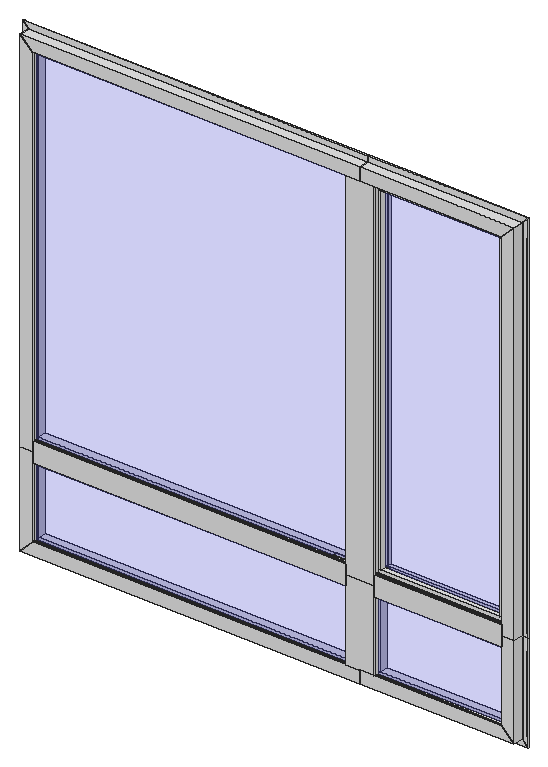
Revit family "511_CP-AT_nailfin", category Windows, host Wall, Revit 2016
Family settings
  Host = Wall
  OmniClass Number = 23.30.20.00
  OmniClass Title = Windows
  Always vertical = Yes
  Cut with Voids When Loaded = No
  Shared = No
  Room Calculation Point = No
Parameters (values of type "96x90")
  MLW4 = 1 / 8 * (Height - HBS)  # 2 1/4"
  MLW3 = 2.811"
  MLW2 = 3.62422"
  MLW1 = 3.2495"
  MLW5 = 1 / 8 * (Width - VBS)  # 8 1/4"
  MLH = 1 / 2 * HBS  # 36"
  VBS = 30"
  Interior Color [instance] = White
  Height = 90"
  Exterior Color [instance] = White
  Default Sill Height = 31.49606"
  Wall Closure = By host
  Width = 96"
  HBS = 72"
Reference planes (in)
  plane 1 "Center (Front/Back)": y = 0
  plane 2 "Center (Left/Right)": x = 0
  plane 3 "Left": x = -48
  plane 4 "Right": x = 48
  plane 5 "Sill": z = 31.49606
  plane 6 "Head": z = 121.49606
  plane 7 "Exterior": y = 3.93701
  plane 8 "Interior": y = -3.93701
  plane 9 "Front of wall": y = 3.93701
  plane 10 "Bar Set": z = 49.49606
  plane 11 "MD": x = 18
  plane 12: z = 33.55806
  plane 13: z = 51.12006
  plane 14: z = 47.87306
  plane 15: z = 119.43645
  plane 16: z = 51.80656
  plane 17: z = 118.74656
  plane 18: x = -45.938
  plane 19: x = 15.56372
  plane 20: x = 45.2505
  plane 21: x = 45.938
  plane 22: x = 21.11316
  plane 23: x = 20.437
  plane 24 "MLW1": x = 21.62422
  plane 25 "MLW2": x = 44.7505
  plane 26 "Front of glass": y = 4.21901
Forms (in)
  Extrusion 1, solid, material "White" <- "Interior Color"
    sketch origin (18, 0, 0) x (0, 0, 1) y (0, 1, 0)
      loop
        line (33.87106, 1.88701) -> (33.87106, 2.26201) -> (34.05906, 2.26201) -> (34.05806, 2.51251) -> (33.55806, 2.51251) -> (33.55806, 3.25701) -> (34.06142, 3.25701) -> (34.06142, 4.78995) -> (32.14816, 4.78995) -> (32.06425, 5.38701) -> (31.47606, 5.38701) -> (31.47606, 5.26201) -> (31.51606, 5.26201) -> (31.51606, 5.10865) -> (31.49606, 5.07401) -> (31.49606, 4.01201) -> (30.37106, 4.01201) -> (30.37106, 3.93701) -> (31.49606, 3.93701) -> (31.49606, 1.88701) -> (33.87106, 1.88701)
    from 0 to 67.125
  Extrusion 2, solid, material "White" <- "Interior Color"
    sketch origin (18, 0, 0) x (0, 0, 1) y (0, 1, 0)
      loop
        line (47.55906, 1.88701) -> (51.43306, 1.88701) -> (51.43306, 2.26201) -> (51.62106, 2.26201) -> (51.62006, 2.51251) -> (51.12006, 2.51251) -> (51.12006, 3.25701) -> (51.62285, 3.25701) -> (51.62285, 4.78999) -> (49.71017, 4.78999) -> (49.6375, 5.30701) -> (49.35463, 5.30701) -> (49.28195, 4.78988) -> (47.36885, 4.78988) -> (47.36885, 3.25701) -> (47.87306, 3.25701) -> (47.87306, 2.51251) -> (47.37206, 2.51251) -> (47.37206, 2.26201) -> (47.55906, 2.26201) -> (47.55906, 1.88701)
    from 0 to 67.125
  Extrusion 3, solid, material "White" <- "Interior Color"
    sketch origin (18, 0, 0) x (0, 0, 1) y (0, 1, 0)
      loop
        line (119.12345, 1.88701) -> (121.49606, 1.88701) -> (121.49606, 3.93701) -> (122.62106, 3.93701) -> (122.62106, 4.01201) -> (121.49606, 4.01201) -> (121.49606, 5.07815) -> (121.47845, 5.10865) -> (121.47845, 5.26201) -> (121.51845, 5.26201) -> (121.51845, 5.38701) -> (120.93026, 5.38701) -> (120.84635, 4.78995) -> (118.9331, 4.78995) -> (118.9331, 3.25701) -> (119.43645, 3.25701) -> (119.43645, 2.51251) -> (118.93645, 2.51251) -> (118.93545, 2.26201) -> (119.12345, 2.26201) -> (119.12345, 1.88701)
    from 0 to 67.125
  Extrusion 4, solid, material "White" <- "Interior Color"
    sketch origin (48, 0, 0) x (0, -1, 0) y (0, 0, 1)
      loop
        line (-4.78995, 34.06142) -> (-4.78995, 32.14816) -> (-5.38701, 32.06425) -> (-5.38701, 31.47606) -> (-5.26201, 31.47606) -> (-5.26201, 31.51606) -> (-5.10865, 31.51606) -> (-5.07401, 31.49606) -> (-4.01201, 31.49606) -> (-4.01201, 30.37106) -> (-3.93701, 30.37106) -> (-3.93701, 31.49606) -> (-1.88701, 31.49606) -> (-1.88701, 33.87106) -> (-2.26201, 33.87106) -> (-2.26201, 34.05906) -> (-2.51251, 34.05806) -> (-2.51251, 33.55806) -> (-3.25701, 33.55806) -> (-3.25701, 34.06142) -> (-4.78995, 34.06142)
    from -1.125 to 30
  Extrusion 5, solid, material "White" <- "Interior Color"
    sketch origin (48, 0, 0) x (0, -1, 0) y (0, 0, 1)
      loop
        line (-1.88701, 51.43306) -> (-2.26201, 51.43306) -> (-2.26201, 51.62106) -> (-2.58701, 51.62106) -> (-2.58701, 52.30756) -> (-3.47451, 52.30756) -> (-3.47451, 51.80656) -> (-4.21901, 51.80656) -> (-4.21901, 52.26986) -> (-4.25701, 52.24556) -> (-4.99701, 52.24556) -> (-4.99701, 51.68307) -> (-5.03701, 51.68307) -> (-5.03701, 49.67544) -> (-5.30701, 49.6375) -> (-5.30701, 49.35463) -> (-4.78999, 49.28197) -> (-4.78999, 47.36876) -> (-3.25701, 47.36876) -> (-3.25701, 47.87306) -> (-2.51251, 47.87306) -> (-2.51251, 47.37206) -> (-2.26201, 47.37206) -> (-2.26201, 47.55906) -> (-1.88701, 47.55906) -> (-1.88701, 51.43306)
    from -1.125 to 30
  Extrusion 6, solid, material "White" <- "Interior Color"
    sketch origin (48, 0, 0) x (0, -1, 0) y (0, 0, 1)
      loop
        line (-2.58701, 118.93306) -> (-2.26201, 118.93306) -> (-2.26201, 119.12106) -> (-1.88701, 119.12106) -> (-1.88701, 121.49606) -> (-3.93701, 121.49606) -> (-3.93701, 122.62106) -> (-4.01201, 122.62106) -> (-4.01201, 121.49606) -> (-5.07401, 121.49606) -> (-5.09784, 121.47606) -> (-5.26201, 121.47606) -> (-5.26201, 121.51606) -> (-5.38701, 121.51606) -> (-5.38701, 120.92787) -> (-5.03701, 120.87868) -> (-5.03701, 118.87156) -> (-4.99701, 118.87156) -> (-4.99701, 118.30847) -> (-4.25691, 118.30847) -> (-4.21901, 118.28424) -> (-4.21901, 118.74656) -> (-3.47451, 118.74656) -> (-3.47451, 118.24656) -> (-2.58701, 118.24656) -> (-2.58701, 118.93306)
    from -1.125 to 30
  Extrusion 7, solid, material "White" <- "Interior Color"
    sketch origin (0, 0, 49.49606) x (1, 0, 0) y (0, 1, 0)
      loop
        line (-47.3479, 4.78995) -> (-47.43181, 5.38701) -> (-48.02, 5.38701) -> (-48.02, 5.26201) -> (-47.98, 5.26201) -> (-47.98, 5.10865) -> (-48, 5.07401) -> (-48, 4.01201) -> (-49.125, 4.01201) -> (-49.125, 3.93701) -> (-48, 3.93701) -> (-48, 1.88701) -> (-45.625, 1.88701) -> (-45.625, 2.26201) -> (-45.43691, 2.26201) -> (-45.438, 2.51251) -> (-45.938, 2.51251) -> (-45.938, 3.25701) -> (-45.43465, 3.25701) -> (-45.43465, 4.78995) -> (-47.3479, 4.78995)
    from 0 to 73.125
  Extrusion 8, solid, material "White" <- "Interior Color"
    sketch origin (0, 0, 49.49606) x (1, 0, 0) y (0, 1, 0)
      loop
        line (47.38262, 5.03701) -> (45.3755, 5.03701) -> (45.3755, 4.99701) -> (44.8125, 4.99701) -> (44.8125, 4.25701) -> (44.7882, 4.21901) -> (45.2505, 4.21901) -> (45.2505, 3.47451) -> (44.7505, 3.47451) -> (44.7505, 2.58701) -> (45.437, 2.58701) -> (45.437, 2.26201) -> (45.625, 2.26201) -> (45.625, 1.88766) -> (48, 1.88766) -> (48, 3.93701) -> (49.125, 3.93701) -> (49.125, 4.01201) -> (48, 4.01201) -> (48, 5.07401) -> (47.98, 5.10257) -> (47.98, 5.26201) -> (48.02, 5.26201) -> (48.02, 5.38701) -> (47.43181, 5.38701) -> (47.38262, 5.03701)
    from 0 to 73.125
  Extrusion 9, solid, material "White" <- "Interior Color"
    sketch origin (0, 0, 31.49606) x (0, -1, 0) y (1, 0, 0)
      loop
        line (-4.01201, -48) -> (-4.01201, -49.125) -> (-3.93701, -49.125) -> (-3.93701, -48) -> (-1.88701, -48) -> (-1.88701, -45.625) -> (-2.26201, -45.625) -> (-2.26201, -45.437) -> (-2.51251, -45.437) -> (-2.51251, -45.938) -> (-3.25701, -45.938) -> (-3.25701, -45.43465) -> (-4.78995, -45.43465) -> (-4.78995, -47.3479) -> (-5.38701, -47.43181) -> (-5.38701, -48.02) -> (-5.26201, -48.02) -> (-5.26201, -47.98) -> (-5.10257, -47.98) -> (-5.07401, -48) -> (-4.01201, -48)
    from -1.125 to 18
  Extrusion 10, solid, material "White" <- "Interior Color"
    sketch origin (0, 0, 31.49606) x (0, -1, 0) y (1, 0, 0)
      loop
        line (-5.38701, 17.05681) -> (-4.78995, 16.9729) -> (-4.78995, 15.05965) -> (-3.25701, 15.05965) -> (-3.25701, 15.56372) -> (-2.51251, 15.56372) -> (-2.51251, 15.063) -> (-2.26201, 15.062) -> (-2.26201, 15.25) -> (-1.88701, 15.25) -> (-1.88701, 20.75) -> (-2.26201, 20.75) -> (-2.26201, 20.937) -> (-2.51251, 20.937) -> (-2.51251, 20.437) -> (-3.25701, 20.437) -> (-3.25701, 20.94035) -> (-4.78995, 20.94035) -> (-4.78995, 19.0271) -> (-5.38701, 18.94319) -> (-5.38701, 17.05681)
    from -1.125 to 18
  Extrusion 11, solid, material "White" <- "Interior Color"
    sketch origin (0, 0, 31.49606) x (0, -1, 0) y (1, 0, 0)
      loop
        line (-4.78995, 47.3479) -> (-4.78995, 45.43388) -> (-3.25701, 45.43388) -> (-3.25701, 45.938) -> (-2.51251, 45.938) -> (-2.51251, 45.438) -> (-2.26201, 45.438) -> (-2.26201, 45.625) -> (-1.88701, 45.625) -> (-1.88701, 48) -> (-3.93701, 48) -> (-3.93701, 49.125) -> (-4.01201, 49.125) -> (-4.01201, 48) -> (-5.07401, 48) -> (-5.10257, 47.98) -> (-5.26201, 47.98) -> (-5.26201, 48.02) -> (-5.38701, 48.02) -> (-5.38701, 47.43181) -> (-4.78995, 47.3479)
    from -1.125 to 18
  Sweep 12, void
    path in 3D
      loop
        line (43.65964, 9.24338, 121.49606) -> (43.65964, 3.93701, 121.49606)
    profile origin (43.65964, 6.59019, 121.49606) x (1, 0, 0) y (0, 0, 1)
      loop
        line (5.74842, 1.40806) -> (0.58224, 1.40806) -> (0.58224, -3.18759) -> (1.71586, -3.18759) -> (1.71586, -2.6245) -> (5.74842, 1.40806)
  Sweep 13, void
    path in 3D
      loop
        line (43.65964, 9.24338, 121.49606) -> (43.65964, 3.93701, 121.49606)
    profile origin (43.65964, 6.59019, 121.49606) x (1, 0, 0) y (0, 0, 1)
      loop
        line (1.71586, -2.6245) -> (1.71586, -3.72273) -> (5.86891, -3.72273) -> (5.86891, 1.52855) -> (1.71586, -2.6245)
  Sweep 14, void
    path in 3D
      loop
        line (16.6834, 9.24338, 121.49606) -> (16.6834, 3.93701, 121.49606)
    profile origin (16.6834, 6.59019, 121.49606) x (1, 0, 0) y (0, 0, 1)
      loop
        line (4.31641, -2.6245) -> (2.26009, -0.56819) -> (0.28922, -0.56819) -> (0.28922, -3.18759) -> (4.31641, -3.18759) -> (4.31641, -2.6245)
  Sweep 15, void
    path in 3D
      loop
        line (16.6834, 9.24338, 121.49606) -> (16.6834, 3.93701, 121.49606)
    profile origin (16.6834, 6.59019, 121.49606) x (1, 0, 0) y (0, 0, 1)
      loop
        line (-2.69994, -2.56296) -> (0.28922, -2.56296) -> (0.28922, -0.5658) -> (5.41319, -0.5658) -> (5.41319, 2.08282) -> (-2.69994, 2.08282) -> (-2.69994, -2.56296)
  Sweep 16, void
    path in 3D
      loop
        line (16.6834, 9.24338, 121.49606) -> (16.6834, 3.93701, 121.49606)
    profile origin (16.6834, 6.59019, 121.49606) x (1, 0, 0) y (0, 0, 1)
      loop
        line (2.30842, -0.61651) -> (4.31641, -2.6245) -> (4.31641, -3.18759) -> (5.81641, -3.18759) -> (5.81641, 2.9679) -> (2.30842, 2.9679) -> (2.30842, -0.61651)
  Sweep 17, void
    path in 3D
      loop
        line (19.65964, 8.37229, 49.49606) -> (19.65964, 3.93701, 49.49606)
    profile origin (19.65964, 6.15465, 49.49606) x (1, 0, 0) y (0, 0, 1)
      loop
        line (2.28327, 2.7495) -> (1.33958, 2.7495) -> (1.33958, 2.18701) -> (-0.71673, 0.1307) -> (-0.71673, -0.12991) -> (-0.63254, -0.21409) -> (-0.63254, -2.12731) -> (2.28327, -2.12731) -> (2.28327, 2.7495)
  Sweep 18, void
    path in 3D
      loop
        line (19.65964, 8.37229, 49.49606) -> (19.65964, 3.93701, 49.49606)
    profile origin (19.65964, 6.15465, 49.49606) x (1, 0, 0) y (0, 0, 1)
      loop
        line (1.33958, 3.7762) -> (-2.60283, 3.7762) -> (-2.60283, -2.4738) -> (-0.71673, -2.4738) -> (-0.71673, 0.1307) -> (1.33958, 2.18701) -> (1.33958, 3.7762)
  Sweep 19, void
    path in 3D
      loop
        line (19.65964, 8.37229, 49.49606) -> (19.65964, 3.93701, 49.49606)
    profile origin (19.65964, 6.15465, 49.49606) x (1, 0, 0) y (0, 0, 1)
      loop
        line (-6.43702, 2.12678) -> (-6.43702, -2.12721) -> (-2.68702, -2.12721) -> (-2.68702, 2.12678) -> (-6.43702, 2.12678)
  Sweep 20, void
    path in 3D
      loop
        line (44.89445, 8.88043, 49.49606) -> (44.89445, 3.93701, 49.49606)
    profile origin (44.89445, 6.40872, 49.49606) x (1, 0, 0) y (0, 0, 1)
      loop
        line (-0.96264, 2.7495) -> (-0.96264, -2.12731) -> (2.45345, -2.12731) -> (2.45345, -0.21078) -> (2.53736, -0.12687) -> (2.53736, 0.1307) -> (0.48105, 2.18701) -> (0.48105, 2.7495) -> (-0.96264, 2.7495)
  Sweep 21, void
    path in 3D
      loop
        line (44.89445, 8.88043, 49.49606) -> (44.89445, 3.93701, 49.49606)
    profile origin (44.89445, 6.40872, 49.49606) x (1, 0, 0) y (0, 0, 1)
      loop
        line (0.48105, 3.26396) -> (0.48105, 2.18701) -> (2.53736, 0.1307) -> (2.53736, -0.21409) -> (2.45345, -0.21409) -> (2.45345, -3.35076) -> (4.70345, -3.35076) -> (4.70345, 3.26396) -> (0.48105, 3.26396)
  Sweep 22, void
    path in 3D
      loop
        line (-43.92648, 8.93799, 121.49606) -> (-43.92648, 3.93701, 121.49606)
    profile origin (-43.92648, 6.4375, 121.49606) x (1, 0, 0) y (0, 0, 1)
      loop
        line (-5.40094, 1.32743) -> (-3.42142, -0.6521) -> (-3.42142, -2.56296) -> (-1.17142, -2.56296) -> (-1.17142, 1.32743) -> (-5.40094, 1.32743)
  Sweep 23, void
    path in 3D
      loop
        line (-43.92648, 8.93799, 121.49606) -> (-43.92648, 3.93701, 121.49606)
    profile origin (-43.92648, 6.4375, 121.49606) x (1, 0, 0) y (0, 0, 1)
      loop
        line (-6.42142, 2.3479) -> (-6.42142, -4.6521) -> (-3.42142, -4.6521) -> (-3.42142, -0.6521) -> (-6.42142, 2.3479)
  Sweep 24, void
    path in 3D
      loop
        line (-42.04638, 8.55906, 49.49606) -> (-42.04638, 3.93701, 49.49606)
    profile origin (-42.04638, 6.24804, 49.49606) x (1, 0, 0) y (0, 0, 1)
      loop
        line (-5.38543, 3.12279) -> (-8.38827, 3.12279) -> (-8.38827, -4.12721) -> (-5.38543, -4.12721) -> (-5.38543, 3.12279)
  Sweep 25, void
    path in 3D
      loop
        line (-42.04638, 8.55906, 49.49606) -> (-42.04638, 3.93701, 49.49606)
    profile origin (-42.04638, 6.24804, 49.49606) x (1, 0, 0) y (0, 0, 1)
      loop
        line (-5.30152, 2.12678) -> (-5.30152, -2.12721) -> (-3.29917, -2.12721) -> (-3.29917, 2.12678) -> (-5.30152, 2.12678)
  Sweep 26, void
    path in 3D
      loop
        line (-43.10379, 8.75385, 31.49606) -> (-43.10379, 3.93701, 31.49606)
    profile origin (-43.10379, 6.34543, 31.49606) x (1, 0, 0) y (0, 0, 1)
      loop
        line (-6.25297, -1.35676) -> (-1.915, -1.35676) -> (-1.915, 2.56535) -> (-4.24411, 2.56535) -> (-4.24411, 0.6521) -> (-6.25297, -1.35676)
  Sweep 27, void
    path in 3D
      loop
        line (-43.10379, 8.75385, 31.49606) -> (-43.10379, 3.93701, 31.49606)
    profile origin (-43.10379, 6.34543, 31.49606) x (1, 0, 0) y (0, 0, 1)
      loop
        line (-6.40009, -1.50388) -> (-4.24411, 0.6521) -> (-4.24411, 3.1521) -> (-6.40009, 3.1521) -> (-6.40009, -1.50388)
  Sweep 28, void
    path in 3D
      loop
        line (18.52238, 8.88043, 31.49606) -> (18.52238, 3.93701, 31.49606)
    profile origin (18.52238, 6.40872, 31.49606) x (1, 0, 0) y (0, 0, 1)
      loop
        line (3.18543, 2.56535) -> (0.50472, 2.56535) -> (0.50472, 0.56819) -> (-1.54948, 0.56819) -> (-1.54948, 2.56535) -> (-4.81457, 2.56535) -> (-4.81457, -2.18465) -> (3.18543, -2.18465) -> (3.18543, 2.56535)
  Sweep 29, void
    path in 3D
      loop
        line (44.14445, 9.10453, 31.49606) -> (44.14445, 3.93701, 31.49606)
    profile origin (44.14445, 6.52077, 31.49606) x (1, 0, 0) y (0, 0, 1)
      loop
        line (0.84583, 2.56535) -> (0.84583, -1.24027) -> (5.09583, -1.24027) -> (3.28736, 0.56819) -> (3.20345, 0.56819) -> (3.20345, 2.56535) -> (0.84583, 2.56535)
  Sweep 30, void
    path in 3D
      loop
        line (44.14445, 9.10453, 31.49606) -> (44.14445, 3.93701, 31.49606)
    profile origin (44.14445, 6.52077, 31.49606) x (1, 0, 0) y (0, 0, 1)
      loop
        line (3.28736, 3.06535) -> (3.28736, 0.56819) -> (5.40868, -1.55313) -> (5.40868, 3.06535) -> (3.28736, 3.06535)
  Extrusion 31, void
    sketch origin (0, 3.93701, 0) x (1, 0, 0) y (0, 0, 1)
      loop
        line (-50.09452, 123.59059) -> (-50.09452, 118.88952) -> (-45.625, 118.88952) -> (-45.625, 119.12106) -> (-50.09452, 123.59059)
    from 0 to 12
  Extrusion 32, void
    sketch origin (0, 3.93701, 0) x (1, 0, 0) y (0, 0, 1)
      loop
        line (-49.7353, 123.23136) -> (-45.625, 119.12106) -> (-45.625, 118.93645) -> (-45.25723, 118.93645) -> (-45.25723, 123.23136) -> (-49.7353, 123.23136)
    from 0 to 12
  Extrusion 33, void
    sketch origin (0, 3.93701, 0) x (1, 0, 0) y (0, 0, 1)
      loop
        line (49.67949, 123.17555) -> (45.625, 119.12106) -> (45.625, 118.93306) -> (45.437, 118.93306) -> (45.437, 117.92014) -> (49.67949, 117.92014) -> (49.67949, 123.17555)
    from 0 to 12
  Extrusion 34, void
    sketch origin (0, 3.93701, 0) x (1, 0, 0) y (0, 0, 1)
      loop
        line (50, 123.49606) -> (44.687, 123.49606) -> (44.687, 118.24656) -> (45.437, 118.24656) -> (45.437, 118.93306) -> (45.625, 118.93306) -> (45.625, 119.12106) -> (50, 123.49606)
    from 0 to 12
  Extrusion 35, void
    sketch origin (0, 3.93701, 0) x (1, 0, 0) y (0, 0, 1)
      loop
        line (43.90021, 52.30756) -> (43.90021, 47.37206) -> (45.625, 47.37206) -> (45.625, 51.62106) -> (45.437, 51.62106) -> (45.437, 52.30756) -> (43.90021, 52.30756)
    from 0 to 12
  Extrusion 36, void
    sketch origin (0, 3.93701, 0) x (1, 0, 0) y (0, 0, 1)
      loop
        line (45.625, 47.15647) -> (49.5979, 47.15647) -> (49.5979, 52.53178) -> (45.437, 52.53178) -> (45.437, 51.62106) -> (45.625, 51.62106) -> (45.625, 47.15647)
    from 0 to 12
  Extrusion 37, void
    sketch origin (0, 3.93701, 0) x (1, 0, 0) y (0, 0, 1)
      loop
        line (20.93772, 52.30756) -> (20.93772, 51.62106) -> (20.74972, 51.62106) -> (20.74972, 49.04694) -> (22.92475, 49.04694) -> (22.92475, 52.30756) -> (20.93772, 52.30756)
    from 0 to 12
  Extrusion 38, void
    sketch origin (0, 3.93701, 0) x (1, 0, 0) y (0, 0, 1)
      loop
        line (15.24947, 47.05906) -> (20.74972, 47.05906) -> (20.74972, 51.80656) -> (15.24947, 51.80656) -> (15.24947, 47.05906)
    from 0 to 12
  Extrusion 39, void
    sketch origin (0, 3.93701, 0) x (1, 0, 0) y (0, 0, 1)
      loop
        line (14.43976, 118.93645) -> (15.24947, 118.93645) -> (15.24947, 119.12106) -> (20.74947, 119.12106) -> (20.74947, 118.93306) -> (20.93772, 118.93306) -> (20.93772, 118.24656) -> (21.93976, 118.24656) -> (21.93976, 124.68962) -> (14.43976, 124.68962) -> (14.43976, 118.93645)
    from 0 to 12
  Extrusion 40, void
    sketch origin (0, 3.93701, 0) x (1, 0, 0) y (0, 0, 1)
      loop
        line (45.438, 34.25889) -> (45.438, 33.87106) -> (45.625, 33.87106) -> (49.55313, 29.94293) -> (49.55313, 34.25889) -> (45.438, 34.25889)
    from 0 to 12
  Extrusion 41, void
    sketch origin (0, 3.93701, 0) x (1, 0, 0) y (0, 0, 1)
      loop
        line (45.625, 33.87106) -> (44.875, 33.87106) -> (44.875, 29.7824) -> (49.71366, 29.7824) -> (45.625, 33.87106)
    from 0 to 12
  Extrusion 42, void
    sketch origin (0, 3.93701, 0) x (1, 0, 0) y (0, 0, 1)
      loop
        line (21.75, 34.05906) -> (20.75, 34.05906) -> (20.75, 33.87106) -> (15.25, 33.87106) -> (15.25, 34.05906) -> (14.5, 34.05906) -> (14.5, 29.70676) -> (21.75, 29.70676) -> (21.75, 34.05906)
    from 0 to 12
  Extrusion 43, void
    sketch origin (0, 3.93701, 0) x (1, 0, 0) y (0, 0, 1)
      loop
        line (-45.00903, 34.05906) -> (-45.625, 34.05906) -> (-45.625, 33.87106) -> (-49.35676, 30.13931) -> (-45.00903, 30.13931) -> (-45.00903, 34.05906)
    from 0 to 12
  Extrusion 44, void
    sketch origin (0, 3.93701, 0) x (1, 0, 0) y (0, 0, 1)
      loop
        line (-45.625, 34.46941) -> (-50.2487, 34.46941) -> (-50.2487, 29.24736) -> (-45.625, 33.87106) -> (-45.625, 34.46941)
    from 0 to 12
  Extrusion 45, void
    sketch origin (0, 3.93701, 0) x (1, 0, 0) y (0, 0, 1)
      loop
        line (-45.21112, 51.62334) -> (-45.625, 51.62334) -> (-45.625, 47.37206) -> (-45.21112, 47.37206) -> (-45.21112, 51.62334)
    from 0 to 2.11832
  Extrusion 46, void
    sketch origin (0, 3.93701, 0) x (1, 0, 0) y (0, 0, 1)
      loop
        line (-49.62912, 51.87285) -> (-49.62912, 47.00408) -> (-45.625, 47.00408) -> (-45.625, 51.87285) -> (-49.62912, 51.87285)
    from 0 to 12
  Extrusion 47, solid, material "Glass"
    sketch origin (0, 0, 49.49606) x (1, 0, 0) y (0, 1, 0)
      loop
        line (15.56372, 3.25701) -> (-45.938, 3.25701) -> (-45.938, 2.51251) -> (15.56372, 2.51251) -> (15.56372, 3.25701)
    from 1.624 to 69.94039
  Extrusion 48, solid, material "Glass"
    sketch origin (0, 0, 49.49606) x (1, 0, 0) y (0, 1, 0)
      loop
        line (21.11316, 4.21901) -> (21.11316, 3.47451) -> (45.2505, 3.47451) -> (45.2505, 4.21901) -> (21.11316, 4.21901)
    from 2.3105 to 69.2505
  Extrusion 49, solid, material "Glass"
    sketch origin (0, 0, 31.49606) x (0, -1, 0) y (1, 0, 0)
      loop
        line (-3.25701, 15.56372) -> (-3.25701, -45.938) -> (-2.51251, -45.938) -> (-2.51251, 15.56372) -> (-3.25701, 15.56372)
    from 2.062 to 16.377
  Extrusion 50, solid, material "Glass"
    sketch origin (0, 0, 31.49606) x (0, -1, 0) y (1, 0, 0)
      loop
        line (-3.25701, 45.938) -> (-3.25701, 20.437) -> (-2.51251, 20.437) -> (-2.51251, 45.938) -> (-3.25701, 45.938)
    from 2.062 to 16.377
  Extrusion 51, solid, material "White" <- "Interior Color"
    sketch origin (0, 0, 31.49606) x (0, -1, 0) y (1, 0, 0)
      loop
        line (-2.26201, 15.24947) -> (-1.88701, 15.24947) -> (-1.88701, 20.74972) -> (-2.26201, 20.74972) -> (-2.26201, 20.93772) -> (-2.58667, 20.93772) -> (-2.58667, 21.62422) -> (-3.47451, 21.62422) -> (-3.47451, 21.11316) -> (-4.21901, 21.11316) -> (-4.21901, 21.58652) -> (-4.25701, 21.56222) -> (-4.99701, 21.56222) -> (-4.99701, 20.99922) -> (-5.03901, 20.99922) -> (-5.03901, 18.99182) -> (-5.38701, 18.94291) -> (-5.38701, 17.05709) -> (-4.78995, 16.97262) -> (-4.78995, 15.05937) -> (-3.25701, 15.05937) -> (-3.25701, 15.56372) -> (-2.51251, 15.56372) -> (-2.51251, 15.06272) -> (-2.26201, 15.06272) -> (-2.26201, 15.24947)
    from 90 to 18
  Extrusion 52, void
    sketch origin (0, 3.93701, 0) x (1, 0, 0) y (0, 0, 1)
      loop
        line (15.24947, 51.62006) -> (12.25863, 51.62006) -> (12.25863, 47.37206) -> (15.24947, 47.37206) -> (15.24947, 51.62006)
    from 0 to 12
  Extrusion 53, void
    sketch origin (0, 3.93701, 0) x (1, 0, 0) y (0, 0, 1)
      loop
        line (22.33214, 52.30756) -> (20.93772, 52.30756) -> (20.93772, 51.62106) -> (20.74972, 51.62106) -> (20.74972, 47.36876) -> (22.33214, 47.36876) -> (22.33214, 52.30756)
    from 0 to 12
Cuts and joins
  Sweep 12, Sweep 20, Extrusion 34, Extrusion 35 cuts Extrusion 8
  Sweep 13, Sweep 14, Extrusion 33 cuts Extrusion 6
  Sweep 17, Sweep 19, Sweep 28, Extrusion 37, Extrusion 42, Extrusion 52, Extrusion 53 cuts Extrusion 10
  Sweep 18, Sweep 24, Extrusion 38, Extrusion 46 cuts Extrusion 2
  Sweep 18, Sweep 21, Extrusion 36, Extrusion 38 cuts Extrusion 5
  Sweep 20, Sweep 29, Extrusion 41 cuts Extrusion 11
  Sweep 22, Sweep 25, Extrusion 32, Extrusion 45 cuts Extrusion 7
  Sweep 23, Extrusion 31 cuts Extrusion 3
  Sweep 25, Sweep 26, Extrusion 43, Extrusion 45 cuts Extrusion 9
  Sweep 27, Extrusion 44 cuts Extrusion 1
  Sweep 30, Extrusion 40 cuts Extrusion 4
  Sweep 15, Sweep 16, Sweep 17, Sweep 19, Extrusion 39, Extrusion 52, Extrusion 53 cuts Extrusion 51
  Extrusion 52 cuts Extrusion 47
  Extrusion 52 cuts Extrusion 49
  Extrusion 53 cuts Extrusion 48
  Extrusion 53 cuts Extrusion 50
Lines and regions (in)
  Opening 1
    outline origin (137.79528, -3.93701, 0) x (1, 0, 0) y (0, 0, 1)
      loop
        line (-89.79528, 31.49606) -> (-89.79528, 121.49606) -> (-185.79528, 121.49606) -> (-185.79528, 31.49606) -> (-89.79528, 31.49606)
  model lines
    curve 1: line (-45.938, 2.51251, 31.49606) -> (0.312, 2.51251, 31.49606)
    curve 2: line (0.312, 2.51251, 31.49606) -> (46.812, 2.51251, 31.49606)
    curve 33: line (44.7505, 4.21901, 85.49606) -> (21.62422, 4.21901, 52.30706)
    curve 34: line (44.7505, 4.21901, 85.49606) -> (21.62422, 4.21901, 118.24656)
    curve 39: line (-12.5, 3.93701, 87.99606) -> (-17.5, 3.93701, 82.99606)
    curve 40: line (-17.5, 3.93701, 85.49606) -> (-15, 3.93701, 87.99606)
    curve 41: line (-15, 3.93701, 82.99606) -> (-12.5, 3.93701, 85.49606)
    curve 48: line (-12.5, 3.93701, 42.99606) -> (-17.5, 3.93701, 37.99606)
    curve 49: line (-17.5, 3.93701, 40.49606) -> (-15, 3.93701, 42.99606)
    curve 50: line (-15, 3.93701, 37.99606) -> (-12.5, 3.93701, 40.49606)
    curve 57: line (35.5, 3.93701, 42.99606) -> (30.5, 3.93701, 37.99606)
    curve 58: line (30.5, 3.93701, 40.49606) -> (33, 3.93701, 42.99606)
    curve 59: line (33, 3.93701, 37.99606) -> (35.5, 3.93701, 40.49606)
  reference lines
    curve 3: line (-43.92648, 8.93799, 121.49606) -> (-43.92648, 3.93701, 121.49606)
    curve 4: line (-43.10379, 8.75385, 31.49606) -> (-43.10379, 3.93701, 31.49606)
    curve 5: line (-42.04638, 8.55906, 49.49606) -> (-42.04638, 3.93701, 49.49606)
    curve 6: line (16.6834, 9.24338, 121.49606) -> (16.6834, 3.93701, 121.49606)
    curve 7: line (18.52238, 8.88043, 31.49606) -> (18.52238, 3.93701, 31.49606)
    curve 8: line (19.65964, 8.37229, 49.49606) -> (19.65964, 3.93701, 49.49606)
    curve 9: line (43.65964, 9.24338, 121.49606) -> (43.65964, 3.93701, 121.49606)
    curve 10: line (44.14445, 9.10453, 31.49606) -> (44.14445, 3.93701, 31.49606)
    curve 11: line (44.89445, 8.88043, 49.49606) -> (44.89445, 3.93701, 49.49606)
    curve 31: line (44.7505, 3.93701, 85.49606) -> (21.62422, 3.93701, 118.24656)
    curve 32: line (44.7505, 3.93701, 85.49606) -> (21.62422, 3.93701, 52.30706)
    curve 35: line (-12.5, 3.93701, 87.99606) -> (-17.5, 3.93701, 87.99606)
    curve 36: line (-12.5, 3.93701, 82.99606) -> (-12.5, 3.93701, 87.99606)
    curve 37: line (-17.5, 3.93701, 82.99606) -> (-12.5, 3.93701, 82.99606)
    curve 38: line (-17.5, 3.93701, 87.99606) -> (-17.5, 3.93701, 82.99606)
    curve 42: line (-15, 3.93701, 82.99606) -> (-15, 3.93701, 89.49606)
    curve 43: line (-12.5, 3.93701, 85.49606) -> (-20, 3.93701, 85.49606)
    curve 44: line (-12.5, 3.93701, 42.99606) -> (-17.5, 3.93701, 42.99606)
    curve 45: line (-12.5, 3.93701, 37.99606) -> (-12.5, 3.93701, 42.99606)
    curve 46: line (-17.5, 3.93701, 37.99606) -> (-12.5, 3.93701, 37.99606)
    curve 47: line (-17.5, 3.93701, 42.99606) -> (-17.5, 3.93701, 37.99606)
    curve 51: line (-15, 3.93701, 37.99606) -> (-15, 3.93701, 44.49606)
    curve 52: line (-12.5, 3.93701, 40.49606) -> (-20, 3.93701, 40.49606)
    curve 53: line (35.5, 3.93701, 42.99606) -> (30.5, 3.93701, 42.99606)
    curve 54: line (35.5, 3.93701, 37.99606) -> (35.5, 3.93701, 42.99606)
    curve 55: line (30.5, 3.93701, 37.99606) -> (35.5, 3.93701, 37.99606)
    curve 56: line (30.5, 3.93701, 42.99606) -> (30.5, 3.93701, 37.99606)
    curve 60: line (33, 3.93701, 37.99606) -> (33, 3.93701, 44.49606)
    curve 61: line (35.5, 3.93701, 40.49606) -> (28, 3.93701, 40.49606)
    curve 64: line (-12.5, 0, 87.99606) -> (-17.5, 0, 87.99606)
    curve 65: line (-12.5, 0, 82.99606) -> (-12.5, 0, 87.99606)
    curve 66: line (-17.5, 0, 82.99606) -> (-12.5, 0, 82.99606)
    curve 67: line (-17.5, 0, 87.99606) -> (-17.5, 0, 82.99606)
    curve 68: line (-15, 0, 82.99606) -> (-15, 0, 90.49606)
    curve 69: line (-12.5, 0, 85.49606) -> (-19.5, 0, 85.49606)
    curve 73: line (-12.5, 0, 42.99606) -> (-17.5, 0, 42.99606)
    curve 74: line (-12.5, 0, 37.99606) -> (-12.5, 0, 42.99606)
    curve 75: line (-17.5, 0, 37.99606) -> (-12.5, 0, 37.99606)
    curve 76: line (-17.5, 0, 42.99606) -> (-17.5, 0, 37.99606)
    curve 77: line (-15, 0, 37.99606) -> (-15, 0, 45.49606)
    curve 78: line (-12.5, 0, 40.49606) -> (-19.5, 0, 40.49606)
    curve 82: line (35.5, 0, 42.99606) -> (30.5, 0, 42.99606)
    curve 83: line (35.5, 0, 37.99606) -> (35.5, 0, 42.99606)
    curve 84: line (30.5, 0, 37.99606) -> (35.5, 0, 37.99606)
    curve 85: line (30.5, 0, 42.99606) -> (30.5, 0, 37.99606)
    curve 86: line (33, 0, 37.99606) -> (33, 0, 45.49606)
    curve 87: line (35.5, 0, 40.49606) -> (28.5, 0, 40.49606)
  sketch lines
    curve 12: line (43.65964, 9.24338, 121.49606) -> (43.65964, 3.93701, 121.49606)
    curve 13: line (43.65964, 9.24338, 121.49606) -> (43.65964, 3.93701, 121.49606)
    curve 14: line (16.6834, 9.24338, 121.49606) -> (16.6834, 3.93701, 121.49606)
    curve 15: line (16.6834, 9.24338, 121.49606) -> (16.6834, 3.93701, 121.49606)
    curve 16: line (16.6834, 9.24338, 121.49606) -> (16.6834, 3.93701, 121.49606)
    curve 17: line (19.65964, 8.37229, 49.49606) -> (19.65964, 3.93701, 49.49606)
    curve 18: line (19.65964, 8.37229, 49.49606) -> (19.65964, 3.93701, 49.49606)
    curve 19: line (19.65964, 8.37229, 49.49606) -> (19.65964, 3.93701, 49.49606)
    curve 20: line (44.89445, 8.88043, 49.49606) -> (44.89445, 3.93701, 49.49606)
    curve 21: line (44.89445, 8.88043, 49.49606) -> (44.89445, 3.93701, 49.49606)
    curve 22: line (-43.92648, 8.93799, 121.49606) -> (-43.92648, 3.93701, 121.49606)
    curve 23: line (-43.92648, 8.93799, 121.49606) -> (-43.92648, 3.93701, 121.49606)
    curve 24: line (-42.04638, 8.55906, 49.49606) -> (-42.04638, 3.93701, 49.49606)
    curve 25: line (-42.04638, 8.55906, 49.49606) -> (-42.04638, 3.93701, 49.49606)
    curve 26: line (-43.10379, 8.75385, 31.49606) -> (-43.10379, 3.93701, 31.49606)
    curve 27: line (-43.10379, 8.75385, 31.49606) -> (-43.10379, 3.93701, 31.49606)
    curve 28: line (18.52238, 8.88043, 31.49606) -> (18.52238, 3.93701, 31.49606)
    curve 29: line (44.14445, 9.10453, 31.49606) -> (44.14445, 3.93701, 31.49606)
    curve 30: line (44.14445, 9.10453, 31.49606) -> (44.14445, 3.93701, 31.49606)
  symbolic lines
    curve 62: line (21.62422, 3.93701, 118.24656) -> (44.7505, 3.93701, 85.49606)
    curve 63: line (44.7505, 3.93701, 85.49606) -> (21.62476, 3.93701, 52.30783)
    curve 70: line (-15, 0, 82.99606) -> (-12.5, 0, 85.49606)
    curve 71: line (-15, 0, 87.99606) -> (-17.5, 0, 85.49606)
    curve 72: line (-17.5, 0, 82.99606) -> (-12.5, 0, 87.99606)
    curve 79: line (-15, 0, 37.99606) -> (-12.5, 0, 40.49606)
    curve 80: line (-15, 0, 42.99606) -> (-17.5, 0, 40.49606)
    curve 81: line (-17.5, 0, 37.99606) -> (-12.5, 0, 42.99606)
    curve 88: line (33, 0, 37.99606) -> (35.5, 0, 40.49606)
    curve 89: line (33, 0, 42.99606) -> (30.5, 0, 40.49606)
    curve 90: line (30.5, 0, 37.99606) -> (35.5, 0, 42.99606)
Text (in)
  text "EXTERIOR" at (-77.29147, 52.45485, 0), in view "Ref. Level"
  text "INTERIOR" at (-78.01048, -32.21994, 0), in view "Ref. Level"
  text "Exterior" at (0, 36.36817, 115.8778), in view "Right"
  text "Exterior" at (0, 40.96394, 105.72475), in view "Left"
Dimensions and locks (in)
  equal spacing: plane 3 "Left", plane 2 "Center (Left/Right)", plane 4 "Right"
  "Width": plane 3 "Left" to plane 4 "Right"
  "Height": plane 5 "Sill" to plane 6 "Head"
  "Default Sill Height": plane 5 "Sill" to level
  locked: plane 7 "Exterior" to host wall at 0
  locked: plane 8 "Interior" to host wall
  "HBS": plane 10 "Bar Set" to plane 6 "Head"
  "VBS": plane 11 "MD" to plane 4 "Right"
  locked: plane 9 "Front of wall" to Extrusion 1 sketch curve at 2.05
  locked: Extrusion 1 sketch curve to Extrusion 1 sketch curve at 2.375
  locked: Extrusion 1 sketch curve to plane 5 "Sill" at 1.125
  locked: plane 5 "Sill" to plane 12 at 2.062
  locked: plane 14 to plane 10 "Bar Set" at 1.623
  locked: plane 13 to plane 10 "Bar Set" at 1.624
  locked: plane 9 "Front of wall" to Extrusion 2 sketch curve at 2.05
  locked: Extrusion 2 sketch curve to Extrusion 2 sketch curve at 3.874
  locked: plane 15 to plane 6 "Head" at 2.05961
  locked: plane 9 "Front of wall" to Extrusion 3 sketch curve at 2.05
  locked: Extrusion 3 sketch curve to Extrusion 3 sketch curve at 2.37261
  locked: plane 6 "Head" to Extrusion 3 sketch curve at 1.125
  locked: plane 16 to plane 10 "Bar Set" at 2.3105
  locked: plane 17 to plane 6 "Head" at 2.7495
  locked: Extrusion 4 sketch curve to plane 5 "Sill" at 1.125
  locked: plane 9 "Front of wall" to Extrusion 4 sketch curve at 2.05
  locked: Extrusion 4 sketch curve to Extrusion 4 sketch curve at 2.375
  locked: plane 9 "Front of wall" to Extrusion 5 sketch curve at 2.05
  locked: Extrusion 5 sketch curve to Extrusion 5 sketch curve at 3.874
  locked: Extrusion 6 sketch curve to Extrusion 6 sketch curve at 2.375
  locked: plane 9 "Front of wall" to Extrusion 6 sketch curve at 2.05
  locked: plane 6 "Head" to Extrusion 6 sketch curve at 1.125
  locked: plane 20 to plane 4 "Right" at 2.7495
  locked: plane 19 to plane 11 "MD" at 2.43628
  locked: plane 3 "Left" to plane 18 at 2.062
  locked: Extrusion 7 sketch curve to plane 9 "Front of wall" at 2.05
  locked: Extrusion 7 sketch curve to Extrusion 7 sketch curve at 2.375
  locked: Extrusion 7 sketch curve to plane 3 "Left" at 1.125
  locked: Extrusion 8 sketch curve to plane 9 "Front of wall" at 2.04934
  locked: Extrusion 8 sketch curve to Extrusion 8 sketch curve at 2.375
  locked: plane 4 "Right" to Extrusion 8 sketch curve at 1.125
  locked: plane 21 to plane 4 "Right" at 2.062
  locked: plane 11 "MD" to plane 22 at 3.11316
  locked: plane 11 "MD" to plane 23 at 2.437
  locked: Extrusion 9 sketch curve to plane 9 "Front of wall" at 2.05
  locked: Extrusion 9 sketch curve to Extrusion 9 sketch curve at 2.375
  locked: Extrusion 9 sketch curve to plane 3 "Left" at 1.125
  locked: Extrusion 10 sketch curve to plane 9 "Front of wall" at 2.05
  locked: Extrusion 10 sketch curve to Extrusion 10 sketch curve at 5.5
  locked: Extrusion 11 sketch curve to Extrusion 11 sketch curve at 2.375
  locked: plane 9 "Front of wall" to Extrusion 11 sketch curve at 2.05
  locked: plane 4 "Right" to Extrusion 11 sketch curve at 1.125
  locked: Extrusion 10 to plane 9 "Front of wall" at 2.05
  locked: cut or joined group of Extrusion 2, Sweep 18, Sweep 24, Extrusion 38, Extrusion 46 to plane 9 "Front of wall" at 1.4245
  locked: Extrusion 48 sketch curve to plane 9 "Front of wall" at 0.4625
  locked: Extrusion 49 sketch curve to plane 9 "Front of wall" at 1.4245
  locked: Extrusion 50 sketch curve to plane 9 "Front of wall" at 1.4245
  "MLW2": plane 24 "MLW1" to plane 11 "MD"
  "MLW1": plane 25 "MLW2" to plane 4 "Right"
  "MLH": curve 32 to plane 6 "Head"
  "MLH": plane 10 "Bar Set" to curve 31
  "MLW1": curve 31 to plane 6 "Head"
  "MLW3": plane 10 "Bar Set" to curve 32
  locked: Extrusion 46 sketch curve to plane 3 "Left" at 1.62912
  locked: plane 26 "Front of glass" to plane 9 "Front of wall" at 0.282
  locked: Extrusion 51 sketch curve to plane 11 "MD" at 2.94063
  locked: Extrusion 51 sketch curve to plane 9 "Front of wall" at 2.05
  locked: plane 11 "MD" to Extrusion 51 sketch curve at 3.56222
  locked: plane 11 "MD" to Extrusion 51 sketch curve at 3.62422
  locked: plane 11 "MD" to Extrusion 51 sketch curve at 2.93772
  locked: plane 11 "MD" to Extrusion 51 sketch curve at 2.74972
  locked: Extrusion 51 sketch curve to plane 11 "MD" at 2.93728
  locked: Extrusion 51 sketch curve to plane 11 "MD" at 2.75053
  locked: plane 11 "MD" to Extrusion 51 sketch curve at 2.99922
  locked: Extrusion 51 sketch curve to plane 11 "MD" at 1.02738
  locked: Extrusion 51 sketch curve to plane 11 "MD" at 0.94291
  plane 11 "MD" to Extrusion 51 sketch curve = 0.94291"
  locked: plane 11 "MD" to Extrusion 51 sketch curve at 0.99182
  locked: Extrusion 10 sketch curve to plane 11 "MD" at 1.0271
  locked: plane 11 "MD" to Extrusion 10 sketch curve at 0.94319
  locked: Extrusion 10 sketch curve to plane 11 "MD" at 0.94319
  locked: plane 11 "MD" to Extrusion 10 sketch curve at 1.0271
  equal spacing: curve 40, curve 39, curve 41
  locked: curve 36 to curve 38 at 5
  locked: curve 37 to curve 35 at 5
  equal spacing: curve 38, curve 42, curve 36
  equal spacing: curve 37, curve 43, curve 35
  equal spacing: curve 49, curve 48, curve 50
  locked: curve 45 to curve 47 at 5
  locked: curve 46 to curve 44 at 5
  equal spacing: curve 47, curve 51, curve 45
  equal spacing: curve 46, curve 52, curve 44
  equal spacing: curve 58, curve 57, curve 59
  locked: curve 54 to curve 56 at 5
  locked: curve 55 to curve 53 at 5
  equal spacing: curve 56, curve 60, curve 54
  equal spacing: curve 55, curve 61, curve 53
  equal spacing: plane 10 "Bar Set", curve 43, plane 6 "Head"
  equal spacing: plane 5 "Sill", curve 52, plane 10 "Bar Set"
  equal spacing: plane 3 "Left", curve 51, plane 11 "MD"
  equal spacing: plane 3 "Left", curve 42, plane 11 "MD"
  equal spacing: plane 11 "MD", curve 60, plane 4 "Right"
  equal spacing: plane 5 "Sill", curve 61, plane 10 "Bar Set"
  locked: curve 65 to curve 67 at 5
  locked: curve 66 to curve 64 at 5
  equal spacing: curve 67, curve 68, curve 65
  equal spacing: curve 66, curve 69, curve 64
  locked: curve 67 to curve 71 at 2.5
  locked: curve 67 to curve 70 at 2.5
  locked: curve 70 to curve 66 at 2.5
  locked: curve 71 to curve 66 at 2.5
  locked: curve 65 to curve 72 at 5
  locked: curve 74 to curve 76 at 5
  locked: curve 75 to curve 73 at 5
  equal spacing: curve 76, curve 77, curve 74
  equal spacing: curve 75, curve 78, curve 73
  locked: curve 76 to curve 80 at 2.5
  locked: curve 76 to curve 79 at 2.5
  locked: curve 79 to curve 75 at 2.5
  locked: curve 80 to curve 75 at 2.5
  locked: curve 74 to curve 81 at 5
  locked: curve 83 to curve 85 at 5
  locked: curve 84 to curve 82 at 5
  equal spacing: curve 85, curve 86, curve 83
  equal spacing: curve 84, curve 87, curve 82
  locked: curve 85 to curve 89 at 2.5
  locked: curve 85 to curve 88 at 2.5
  locked: curve 88 to curve 84 at 2.5
  locked: curve 89 to curve 84 at 2.5
  locked: curve 83 to curve 90 at 5
  equal spacing: plane 10 "Bar Set", curve 87, plane 5 "Sill"
  equal spacing: plane 3 "Left", curve 77, plane 11 "MD"
  equal spacing: plane 10 "Bar Set", curve 78, plane 5 "Sill"
  equal spacing: plane 6 "Head", curve 69, plane 10 "Bar Set"
  equal spacing: plane 3 "Left", curve 68, plane 11 "MD"
  equal spacing: plane 11 "MD", curve 86, plane 4 "Right"
  aligned and locked: plane 9 "Front of wall" to host wall
  aligned and locked: plane 5 "Sill" to Extrusion 1 sketch curve  (x2)
  aligned and locked: plane 9 "Front of wall" to Extrusion 1 sketch curve
  aligned and locked: Extrusion 1 sketch curve to plane 12
  aligned and locked: Extrusion 2 sketch curve to plane 13
  aligned and locked: plane 14 to Extrusion 2 sketch curve
  aligned and locked: plane 15 to Extrusion 3 sketch curve
  aligned and locked: plane 9 "Front of wall" to Extrusion 3 sketch curve
  aligned and locked: Extrusion 3 sketch curve to plane 6 "Head"  (x2)
  aligned and locked: Extrusion 4 sketch curve to plane 12
  aligned and locked: plane 5 "Sill" to Extrusion 4 sketch curve  (x2)
  aligned and locked: Extrusion 5 sketch curve to plane 16
  aligned and locked: Extrusion 5 sketch curve to plane 14
  aligned and locked: plane 17 to Extrusion 6 sketch curve
  aligned and locked: Extrusion 6 sketch curve to plane 6 "Head"  (x2)
  aligned and locked: plane 9 "Front of wall" to Extrusion 6 sketch curve
  aligned and locked: Extrusion 7 sketch curve to plane 9 "Front of wall"
  aligned and locked: Extrusion 7 sketch curve to plane 3 "Left"  (x2)
  aligned and locked: plane 18 to Extrusion 7 sketch curve
  aligned and locked: plane 9 "Front of wall" to Extrusion 8 sketch curve
  aligned and locked: Extrusion 8 sketch curve to plane 4 "Right"  (x2)
  aligned and locked: plane 20 to Extrusion 8 sketch curve
  aligned and locked: plane 9 "Front of wall" to Extrusion 9 sketch curve
  aligned and locked: plane 3 "Left" to Extrusion 9 sketch curve  (x2)
  aligned and locked: Extrusion 9 sketch curve to plane 18
  aligned and locked: plane 23 to Extrusion 10 sketch curve
  aligned and locked: Extrusion 10 sketch curve to plane 19
  aligned and locked: plane 4 "Right" to Extrusion 11 sketch curve  (x2)
  aligned and locked: Extrusion 11 sketch curve to plane 9 "Front of wall"
  aligned and locked: Extrusion 11 sketch curve to plane 21
  aligned and locked: Extrusion 8 to Extrusion 5
  aligned and locked: Extrusion 11 to Extrusion 4  (x2)
  aligned and locked: Extrusion 1 to Extrusion 9  (x2)
  aligned and locked: Extrusion 10 to Extrusion 1
  aligned and locked: Extrusion 7 to Extrusion 3  (x2)
  aligned and locked: Extrusion 6 to Extrusion 8  (x2)
  aligned and locked: Extrusion 2 to Extrusion 7
  aligned and locked: Extrusion 7 to plane 10 "Bar Set"
  aligned and locked: Extrusion 8 to plane 10 "Bar Set"
  aligned and locked: plane 11 "MD" to Extrusion 6
  aligned and locked: Extrusion 3 to plane 11 "MD"
  aligned and locked: plane 11 "MD" to Extrusion 4
  aligned and locked: Extrusion 1 to plane 11 "MD"
  aligned and locked: plane 10 "Bar Set" to Extrusion 9
  aligned and locked: plane 10 "Bar Set" to Extrusion 11
  aligned and locked: plane 10 "Bar Set" to Extrusion 10
  aligned and locked: plane 11 "MD" to Extrusion 5
  aligned and locked: Extrusion 2 to plane 11 "MD"
  aligned and locked: plane 9 "Front of wall" to curve 11
  aligned and locked: plane 9 "Front of wall" to curve 10
  aligned and locked: plane 9 "Front of wall" to curve 9
  aligned and locked: plane 9 "Front of wall" to curve 8
  aligned and locked: plane 9 "Front of wall" to curve 7
  aligned and locked: plane 9 "Front of wall" to curve 6
  aligned and locked: plane 9 "Front of wall" to curve 3
  aligned and locked: plane 9 "Front of wall" to curve 4
  aligned and locked: plane 9 "Front of wall" to curve 5
  aligned and locked: plane 18 to Extrusion 47 sketch curve
  aligned and locked: Extrusion 47 sketch curve to plane 19
  aligned and locked: plane 22 to Extrusion 48 sketch curve
  aligned and locked: Extrusion 48 sketch curve to plane 20
  aligned and locked: plane 18 to Extrusion 49 sketch curve
  aligned and locked: Extrusion 49 sketch curve to plane 19
  aligned and locked: plane 23 to Extrusion 50 sketch curve
  aligned and locked: Extrusion 50 sketch curve to plane 21
  aligned and locked: Extrusion 49 to plane 14
  aligned and locked: plane 12 to Extrusion 49
  aligned and locked: plane 13 to Extrusion 47
  aligned and locked: Extrusion 47 to plane 15
  aligned and locked: Extrusion 48 to plane 17
  aligned and locked: Extrusion 48 to plane 16
  aligned and locked: Extrusion 50 to plane 14
  aligned and locked: plane 12 to Extrusion 50
  aligned and locked: plane 25 "MLW2" to curve 31
  aligned and locked: plane 25 "MLW2" to curve 32
  aligned and locked: curve 31 to plane 24 "MLW1"
  aligned and locked: plane 24 "MLW1" to curve 32
  aligned and locked: curve 31 to curve 34
  aligned and locked: curve 32 to curve 33
  aligned and locked: plane 22 to Extrusion 51 sketch curve
  aligned and locked: Extrusion 51 sketch curve to plane 19
  aligned and locked: Extrusion 51 to plane 10 "Bar Set"
  aligned and locked: Extrusion 51 to plane 6 "Head"
  aligned and locked: curve 35 to curve 38
  aligned and locked: curve 38 to curve 38
  aligned and locked: curve 36 to curve 36
  aligned and locked: curve 38 to curve 39
  aligned and locked: curve 39 to curve 35
  aligned and locked: curve 35 to curve 40
  aligned and locked: curve 38 to curve 40
  aligned and locked: curve 37 to curve 41
  aligned and locked: curve 36 to curve 41
  aligned and locked: curve 44 to curve 47
  aligned and locked: curve 47 to curve 47
  aligned and locked: curve 45 to curve 45
  aligned and locked: curve 47 to curve 48
  aligned and locked: curve 48 to curve 44
  aligned and locked: curve 44 to curve 49
  aligned and locked: curve 47 to curve 49
  aligned and locked: curve 46 to curve 50
  aligned and locked: curve 45 to curve 50
  aligned and locked: curve 53 to curve 56
  aligned and locked: curve 56 to curve 56
  aligned and locked: curve 54 to curve 54
  aligned and locked: curve 56 to curve 57
  aligned and locked: curve 57 to curve 53
  aligned and locked: curve 53 to curve 58
  aligned and locked: curve 56 to curve 58
  aligned and locked: curve 55 to curve 59
  aligned and locked: curve 54 to curve 59
  aligned and locked: curve 32 to curve 63
  aligned and locked: curve 62 to curve 31
  aligned and locked: curve 64 to curve 67
  aligned and locked: curve 67 to curve 67
  aligned and locked: curve 65 to curve 65
  aligned and locked: curve 67 to curve 71
  aligned and locked: curve 66 to curve 70
  aligned and locked: curve 65 to curve 70
  aligned and locked: curve 64 to curve 71
  aligned and locked: curve 65 to curve 72
  aligned and locked: curve 72 to curve 66
  aligned and locked: curve 73 to curve 76
  aligned and locked: curve 76 to curve 76
  aligned and locked: curve 74 to curve 74
  aligned and locked: curve 76 to curve 80
  aligned and locked: curve 75 to curve 79
  aligned and locked: curve 74 to curve 79
  aligned and locked: curve 73 to curve 80
  aligned and locked: curve 74 to curve 81
  aligned and locked: curve 81 to curve 75
  aligned and locked: curve 82 to curve 85
  aligned and locked: curve 85 to curve 85
  aligned and locked: curve 83 to curve 83
  aligned and locked: curve 85 to curve 89
  aligned and locked: curve 84 to curve 88
  aligned and locked: curve 83 to curve 88
  aligned and locked: curve 82 to curve 89
  aligned and locked: curve 83 to curve 90
  aligned and locked: curve 90 to curve 84
Automatic sketch dimensions
  plane 23 to curve 8 = 199/256"
  plane 20 to curve 11 = 0.35605"
  curve 8 to curve 8 = 4.43528"
  curve 5 to curve 5 = 4.62205"
  curve 11 to curve 11 = 4.94342"
  curve 3 to plane 18 = 2.01152"
  host wall to curve 3 = 5.00098"
  curve 6 to plane 19 = 1.11968"
  host wall to curve 6 = 5.30637"
  plane 20 to curve 9 = 1.59086"
  host wall to curve 9 = 5.30637"
  curve 5 to plane 18 = 3.89162"
  curve 4 to plane 18 = 2.83421"
  host wall to curve 4 = 4.81684"
  curve 7 to plane 11 "MD" = 0.52238"
  host wall to curve 7 = 4.94342"
  plane 20 to curve 10 = 1.10605"
  host wall to curve 10 = 5.16752"
  Sweep 12 sketch curve to profile plane = 0.58224"
  Sweep 12 sketch curve to Sweep 12 sketch curve = 1.13362"
  Sweep 12 sketch curve to profile plane = 3.18759"
  Sweep 12 sketch curve to Sweep 12 sketch curve = 0.56309"
  Sweep 12 sketch curve to Sweep 12 sketch curve = 5.16617"
  profile plane to Sweep 12 sketch curve = 1.40806"
  Sweep 13 sketch curve to profile plane = 1.71586"
  Sweep 13 sketch curve to profile plane = 3.72273"
  Sweep 13 sketch curve to Sweep 13 sketch curve = 1.09823"
  profile plane to Sweep 13 sketch curve = 1.52855"
  Sweep 13 sketch curve to Sweep 13 sketch curve = 4.15305"
  Sweep 14 sketch curve to profile plane = 0.28922"
  Sweep 14 sketch curve to profile plane = 0.56819"
  Sweep 14 sketch curve to Sweep 14 sketch curve = 1.97088"
  Sweep 14 sketch curve to Sweep 14 sketch curve = 2.6194"
  Sweep 14 sketch curve to Sweep 14 sketch curve = 2.05631"
  Sweep 14 sketch curve to Sweep 14 sketch curve = 0.56309"
  Sweep 15 sketch curve to profile plane = 0.28922"
  profile plane to Sweep 15 sketch curve = 2.08282"
  Sweep 15 sketch curve to profile plane = 5.41319"
  Sweep 15 sketch curve to profile plane = 0.5658"
  Sweep 15 sketch curve to Sweep 15 sketch curve = 1.99716"
  profile plane to Sweep 15 sketch curve = 2.69994"
  profile plane to Sweep 18 sketch curve = 0.71673"
  Sweep 18 sketch curve to Sweep 18 sketch curve = 1.8861"
  Sweep 18 sketch curve to profile plane = 1.33958"
  Sweep 18 sketch curve to profile plane = 2.4738"
  profile plane to Sweep 18 sketch curve = 0.1307"
  profile plane to Sweep 18 sketch curve = 2.18701"
  Sweep 18 sketch curve to Sweep 18 sketch curve = 1.58919"
  profile plane to Sweep 17 sketch curve = 0.63254"
  Sweep 17 sketch curve to profile plane = 1.33958"
  Sweep 17 sketch curve to profile plane = 2.28327"
  Sweep 17 sketch curve to profile plane = 2.12731"
  profile plane to Sweep 17 sketch curve = 2.18701"
  Sweep 17 sketch curve to Sweep 17 sketch curve = 9/16"
  Sweep 17 sketch curve to profile plane = 0.21409"
  Sweep 17 sketch curve to Sweep 17 sketch curve = 0.08419"
  Sweep 17 sketch curve to profile plane = 0.12991"
  profile plane to Sweep 17 sketch curve = 0.1307"
  Sweep 19 sketch curve to profile plane = 2.12721"
  profile plane to Sweep 19 sketch curve = 2.68702"
  profile plane to Sweep 19 sketch curve = 2.12678"
  Sweep 19 sketch curve to Sweep 19 sketch curve = 3 3/4"
  profile plane to Sweep 20 sketch curve = 0.96264"
  Sweep 20 sketch curve to profile plane = 0.48105"
  profile plane to Sweep 20 sketch curve = 0.1307"
  Sweep 20 sketch curve to profile plane = 2.53736"
  Sweep 20 sketch curve to profile plane = 2.12731"
  profile plane to Sweep 20 sketch curve = 2.18701"
  Sweep 20 sketch curve to Sweep 20 sketch curve = 9/16"
  Sweep 20 sketch curve to profile plane = 0.21078"
  Sweep 20 sketch curve to Sweep 20 sketch curve = 0.08391"
  Sweep 20 sketch curve to profile plane = 0.12687"
  Sweep 21 sketch curve to profile plane = 0.48105"
  Sweep 21 sketch curve to profile plane = 2.45345"
  profile plane to Sweep 21 sketch curve = 0.1307"
  Sweep 21 sketch curve to Sweep 21 sketch curve = 2.16609"
  Sweep 21 sketch curve to profile plane = 3.35076"
  profile plane to Sweep 21 sketch curve = 2.18701"
  Sweep 21 sketch curve to Sweep 21 sketch curve = 1.07695"
  Sweep 21 sketch curve to Sweep 21 sketch curve = 0.08391"
  Sweep 21 sketch curve to profile plane = 0.21409"
  profile plane to Sweep 22 sketch curve = 3.42142"
  profile plane to Sweep 22 sketch curve = 1.17142"
  Sweep 22 sketch curve to profile plane = 2.56296"
  Sweep 22 sketch curve to profile plane = 0.6521"
  Sweep 22 sketch curve to Sweep 22 sketch curve = 1.97953"
  profile plane to Sweep 22 sketch curve = 1.32743"
  profile plane to Sweep 23 sketch curve = 3.42142"
  Sweep 23 sketch curve to profile plane = 4.6521"
  Sweep 23 sketch curve to profile plane = 0.6521"
  Sweep 23 sketch curve to Sweep 23 sketch curve = 3"
  profile plane to Sweep 23 sketch curve = 2.3479"
  Sweep 24 sketch curve to profile plane = 4.12721"
  profile plane to Sweep 24 sketch curve = 8.38827"
  profile plane to Sweep 24 sketch curve = 3.12279"
  Sweep 24 sketch curve to Sweep 24 sketch curve = 3.00284"
  profile plane to Sweep 25 sketch curve = 3.29917"
  Sweep 25 sketch curve to profile plane = 2.12721"
  profile plane to Sweep 25 sketch curve = 2.12678"
  Sweep 25 sketch curve to Sweep 25 sketch curve = 2.00235"
  profile plane to Sweep 26 sketch curve = 4.24411"
  profile plane to Sweep 26 sketch curve = 1.915"
  profile plane to Sweep 26 sketch curve = 0.6521"
  profile plane to Sweep 26 sketch curve = 2.56535"
  Sweep 26 sketch curve to Sweep 26 sketch curve = 2.00886"
  Sweep 26 sketch curve to profile plane = 1.35676"
  profile plane to Sweep 27 sketch curve = 4.24411"
  profile plane to Sweep 27 sketch curve = 0.6521"
  Sweep 27 sketch curve to Sweep 27 sketch curve = 2 1/2"
  Sweep 27 sketch curve to Sweep 27 sketch curve = 2.15598"
  Sweep 27 sketch curve to profile plane = 1.50388"
  Sweep 28 sketch curve to profile plane = 2.18465"
  profile plane to Sweep 28 sketch curve = 4.81457"
  profile plane to Sweep 28 sketch curve = 1.54948"
  Sweep 28 sketch curve to profile plane = 0.50472"
  profile plane to Sweep 28 sketch curve = 0.56819"
  profile plane to Sweep 28 sketch curve = 2.56535"
  Sweep 28 sketch curve to Sweep 28 sketch curve = 1.99716"
  Sweep 28 sketch curve to Sweep 28 sketch curve = 2.68071"
  Sweep 29 sketch curve to profile plane = 3.20345"
  profile plane to Sweep 29 sketch curve = 0.56819"
  Sweep 29 sketch curve to Sweep 29 sketch curve = 0.08391"
  Sweep 29 sketch curve to profile plane = 1.24027"
  Sweep 29 sketch curve to Sweep 29 sketch curve = 1.80846"
  Sweep 29 sketch curve to Sweep 29 sketch curve = 1.99716"
  Sweep 29 sketch curve to profile plane = 0.84583"
  profile plane to Sweep 30 sketch curve = 0.56819"
  Sweep 30 sketch curve to profile plane = 3.28736"
  Sweep 30 sketch curve to profile plane = 1.55313"
  Sweep 30 sketch curve to Sweep 30 sketch curve = 2.12132"
  profile plane to Sweep 30 sketch curve = 3.06535"
  curve 34 to plane 24 "MLW1" = 0"
  curve 33 to plane 24 "MLW1" = 0"
  plane 3 "Left" to Opening 1 sketch curve = 0"
  plane 4 "Right" to Opening 1 sketch curve = 0"
  Opening 1 sketch curve to plane 5 "Sill" = 0"
  Opening 1 sketch curve to plane 6 "Head" = 0"
  plane 5 "Sill" to Extrusion 1 sketch curve = 0.02"
  Extrusion 1 sketch curve to plane 5 "Sill" = 0.02"
  Extrusion 1 sketch curve to Extrusion 1 sketch curve = 0.54819"
  Extrusion 1 sketch curve to Extrusion 1 sketch curve = 0.08391"
  Extrusion 1 sketch curve to Extrusion 1 sketch curve = 0.188"
  Extrusion 1 sketch curve to Extrusion 1 sketch curve = 3/8"
  Extrusion 1 sketch curve to Extrusion 1 sketch curve = 0.2505"
  Extrusion 1 sketch curve to Extrusion 1 sketch curve = 0.075"
  plane 26 "Front of glass" to Extrusion 1 sketch curve = 0.57094"
  Extrusion 1 sketch curve to Extrusion 1 sketch curve = 0.28406"
  Extrusion 1 sketch curve to Extrusion 1 sketch curve = 0.03464"
  Extrusion 1 sketch curve to Extrusion 1 sketch curve = 0.15336"
  Extrusion 1 sketch curve to Extrusion 1 sketch curve = 1/8"
  plane 14 to Extrusion 2 sketch curve = 0.314"
  Extrusion 2 sketch curve to Extrusion 2 sketch curve = 0.187"
  Extrusion 2 sketch curve to plane 10 "Bar Set" = 0.21411"
  Extrusion 2 sketch curve to plane 10 "Bar Set" = 0.14143"
  plane 10 "Bar Set" to Extrusion 2 sketch curve = 0.14143"
  plane 10 "Bar Set" to Extrusion 2 sketch curve = 0.21411"
  Extrusion 2 sketch curve to plane 16 = 0.1865"
  Extrusion 2 sketch curve to plane 16 = 0.1855"
  Extrusion 2 sketch curve to plane 16 = 0.18372"
  Extrusion 2 sketch curve to Extrusion 2 sketch curve = 3/8"  (x2)
  Extrusion 2 sketch curve to Extrusion 2 sketch curve = 0.2505"  (x2)
  Extrusion 2 sketch curve to Extrusion 2 sketch curve = 0.7445"  (x2)
  plane 26 "Front of glass" to Extrusion 2 sketch curve = 0.57087"
  plane 26 "Front of glass" to Extrusion 2 sketch curve = 0.57098"
  Extrusion 2 sketch curve to Extrusion 2 sketch curve = 0.51713"
  Extrusion 3 sketch curve to Extrusion 3 sketch curve = 0.188"
  Extrusion 3 sketch curve to plane 17 = 0.18654"
  plane 6 "Head" to Extrusion 3 sketch curve = 0.64971"
  plane 6 "Head" to Extrusion 3 sketch curve = 0.5658"
  plane 6 "Head" to Extrusion 3 sketch curve = 0.01761"
  Extrusion 3 sketch curve to plane 6 "Head" = 0.02239"
  Extrusion 3 sketch curve to Extrusion 3 sketch curve = 3/8"
  Extrusion 3 sketch curve to Extrusion 3 sketch curve = 0.7445"
  host wall to Extrusion 3 sketch curve = 0.075"
  plane 26 "Front of glass" to Extrusion 3 sketch curve = 0.57094"
  Extrusion 3 sketch curve to Extrusion 3 sketch curve = 0.2882"
  Extrusion 3 sketch curve to Extrusion 3 sketch curve = 0.0305"
  Extrusion 3 sketch curve to Extrusion 3 sketch curve = 0.15336"
  Extrusion 3 sketch curve to Extrusion 3 sketch curve = 1/8"
  Extrusion 4 sketch curve to host wall = 0"
  Extrusion 4 sketch curve to Extrusion 4 sketch curve = 0.075"
  plane 26 "Front of glass" to Extrusion 4 sketch curve = 0.57094"
  Extrusion 4 sketch curve to Extrusion 4 sketch curve = 0.28406"
  Extrusion 4 sketch curve to plane 5 "Sill" = 0.02"
  Extrusion 4 sketch curve to Extrusion 4 sketch curve = 0.03464"
  plane 5 "Sill" to Extrusion 4 sketch curve = 0.02"
  Extrusion 4 sketch curve to Extrusion 4 sketch curve = 0.15336"
  Extrusion 4 sketch curve to Extrusion 4 sketch curve = 1/8"
  Extrusion 4 sketch curve to host wall = 0.68"
